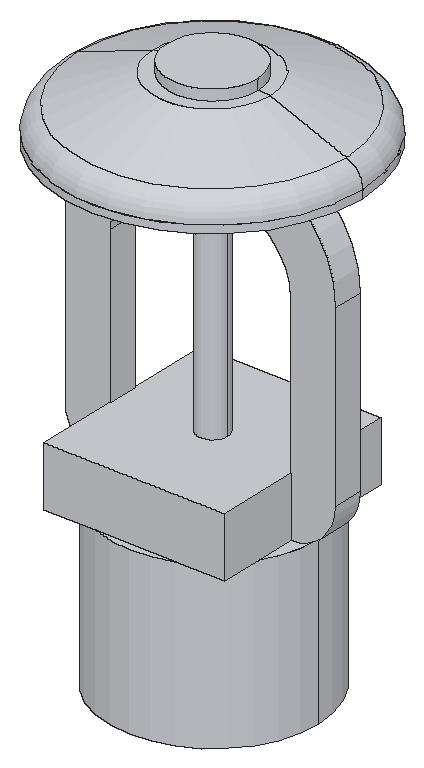
Revit family
Parameters (values of type "RASCO F1FR56 UPRIGHT")
  URL = ""
  Temperature Rating = 200 °F
  Response = 1
  RASCO SIN # = "RA1425"
  RASCO Part # = "F1FR56U2B"
  Pressure Rating = "175 PSI"
  Pressure Class = (empty or 0)
  Orifice Size = 1/2"
  Orifice = (empty or 0)
  Model = "F1FR56"
  Manufacturer = "RASCO"
  K-Factor = 5.6
  Description = "Brz. Finish"
  Coverage = (empty or 0)
Reference planes (in)
  plane 1 "Center (Front/Back)": y = 0
  plane 2: z = 0
  plane 3 "Center (Left/Right)": x = 0
Nested families (in)
  nested 1: "F1FR56U2B" at (0.01033, -0.18171, 0), type "RASCO F1FR56 UPRIGHT"
Connectors (in)
  piping at (0.01033, -0.18171, 0)
    settings: on nested 1, index 1, connector radius 115/256", flow factor 0, pipe flow 0 GPM, pressure drop 0.00 psi, fitting loss kfactor 0, connector angle 0.00°, fixture units 0, flow configuration 0, flow direction 0, fitting loss method 0, system type 7, connector reference index -1, connector utility 0, adjustable connector no, is connector primary yes, fitting loss table "", connector description ""
Definition of nested family "F1FR56U2B"
  Parameters (values of type "RASCO F1FR56 UPRIGHT")
    Type Comments = ""
    Temperature Rating = 0 °F
    Response = (empty or 0)
    Pressure Rating = "0"
    Pressure Class = (empty or 0)
    Orifice Size = 0"
    Orifice = (empty or 0)
    Model = ""
    Manufacturer = ""
    K-Factor = 0
    Description = ""
    Coverage = (empty or 0)
    Assembly Code = ""
  Reference planes (in)
    plane 1 "Center (Front/Back)": y = 0
    plane 2: z = 0
    plane 3 "ref.2": z = 0.6875
    plane 4 "ref.3": z = 0.9375
    plane 5: x = -0.38065
    plane 6: x = 0.36935
    plane 7 "ref. side 1": y = 0.06402
    plane 8 "ref. side 2": y = -0.06098
    plane 9 "ref.4": z = 1.875
    plane 10 "ref.5": z = 2.3125
    plane 11 "ref.6": z = 2.4375
  Forms (in)
    Extrusion 1, solid
      sketch origin (0, 0, 0) x (1, 0, 0) y (0, 1, 0)
        loop
          circle (0, 0) r 0.4375
      from 0 to 0.6875
    Extrusion 2, solid
      sketch origin (-0.12185, 0.05177, 0.6875) x (1, 0, 0) y (0, 1, 0)
        loop
          line (-0.2588, 0.356) -> (-0.2588, -0.4565) -> (0.4912, -0.4565) -> (0.4912, 0.356) -> (-0.2588, 0.356)
      from 0 to 0.25
    Extrusion 3, solid
      sketch origin (0, 0, 0) x (1, 0, 0) y (0, 0, 1)
        loop
          line (-0.38065, 0.68754) -> (-0.38065, 1.58397)
          arc (-0.38065, 1.58397) -> (-0.29541, 1.78976) -> (-0.08962, 1.875) r 0.29103
          line (-0.08962, 1.875) -> (0.07524, 1.875)
          arc (0.07524, 1.875) -> (0.28321, 1.78886) -> (0.36935, 1.58089) r 0.29411
          line (0.36935, 1.58089) -> (0.36935, 0.68751)
          arc (0.36935, 0.68751) -> (0.50207, 0.74393) -> (0.55685, 0.87734) r 0.18984
          line (0.55685, 0.87734) -> (0.55685, 1.61676)
          arc (0.55685, 1.61676) -> (0.42629, 1.93194) -> (0.11111, 2.0625) r 0.44574
          line (0.11111, 2.0625) -> (-0.12259, 2.0625)
          arc (-0.12259, 2.0625) -> (-0.43765, 1.932) -> (-0.56815, 1.61694) r 0.44556
          line (-0.56815, 1.61694) -> (-0.56815, 0.87876)
          arc (-0.56815, 0.87876) -> (-0.51345, 0.74486) -> (-0.38065, 0.68754) r 0.19126
      from -0.06402 to 0.06098
    Extrusion 4, solid
      sketch origin (0, 0, 0.9375) x (-1, 0, 0) y (0, -1, 0)
        loop
          circle (0.00574, -0.00152) r 0.0625
      from 0 to 0.9375
    Extrusion 5, solid
      sketch origin (0, 0, 1.875) x (-1, 0, 0) y (0, -1, 0)
        loop
          circle (0.00574, -0.00152) r 0.1875
      from 0 to 0.4375
    Revolve 6, solid
      sketch origin (0, 0, -0.31276) x (1, 0, 0) y (0, 0, 1)
        loop
          line (-0.19324, 2.33367) -> (-0.19324, 2.58367) -> (-0.24995, 2.58367) -> (-0.56395, 2.46314)
          arc (-0.56395, 2.46314) -> (-0.61243, 2.42492) -> (-0.63074, 2.36595) r 0.1041
          line (-0.63074, 2.36595) -> (-0.63074, 2.33367) -> (-0.19324, 2.33367)
        axis (-0.00574, 2.33367) -> (-0.00574, 2.58367)
      angle from 0 to 360
  Cuts and joins
    joined: Extrusion 1, Extrusion 2, Extrusion 4, Revolve 6
  Lines and regions (in)
    model lines
      curve 1: line (-0.00574, 0.06402, 1.875) -> (-0.00574, -0.06098, 1.875)
